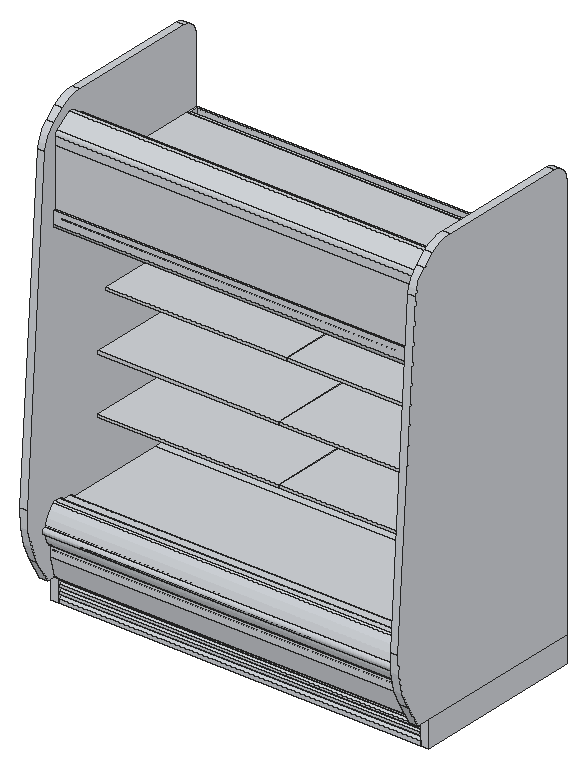
Revit family "ONUA", category Mechanical Equipment, Revit 2019
Family settings
  Round Connector Dimension = Use Radius
  Part Type = Normal
  OmniClass Number = 23.40.40.11.17
  OmniClass Title = Refrigerated Cases
  Work Plane-Based = Yes
  Always vertical = Yes
  Cut with Voids When Loaded = No
  Shared = No
  Room Calculation Point = No
Parameters (values of type "ONUA-6'/71"-5"BF")
  WIDTH = 35 13/16"  # constant formula
  WEIGHT = 0.00 lbf  # constant formula
  WATER LINE MOUNTING HEIGHT ABOVE FLOOR = 0"  # constant formula
  VOLTAGE = 120 V  # constant formula
  URL = "http://www.hillphoenix.com/case-model/onua-dairy/"
  TOP REFRIGERATION [instance] = no
  TOP ELECTRICAL [instance] = yes
  TIME OFF DEFROST = yes
  T8 LIGHTING BTU ADD PER ROW = 60
  T8 LIGHTING AMPS = T8 LIGHTING AMPS PER ROW * (SHELF LIGHT ROWS + CORNICE AND NOSE LIGHT ROWS)  # 0.74 A
  SHELF LIGHT ROWS = 2
  REVERSE AIR DEFROST = no
  REF PIPE LENGTH = 28 5/8"
  PARALLEL EVAPORATOR LOAD = (BTU PER FOOT PARALLEL * LENGTH FOR BTU) + BTU ADD FOR LIGHTS  # 8652
  NRG PIPING CHASE [instance] = yes
  MIRROR OPTIONAL [instance] = yes
  MIRROR [instance] = MIRROR
  LIGHTING WATTAGE = if(T8 LIGHT OR LED LIGHT, T8 LIGHTING WATTAGE, LED LIGHTING WATTAGE)  # 88.8 VA
  LIGHT AMPS = if(T8 LIGHT OR LED LIGHT, T8 LIGHTING AMPS, LED LIGHTING AMPS)  # 0.74 A
  TOTAL CASE WATTAGE = FAN WATTAGE + ANTI SWEAT HEATER WATTAGE + LIGHTING WATTAGE  # 130.8 W
  TOTAL CASE AMPS = ANTI SWEAT HEATER AMPS + FAN AMPS + LIGHT AMPS  # 1.44 A
  TOTAL APPARENT FAN-LIGHT AND A/S LOAD = TOTAL CASE WATTAGE / POWER FACTOR  # 130.8 VA
  TOEKICK INSET = 1 1/2"  # constant formula
  TOEKICK HEIGHT = 5 1/2"  # constant formula
  TOE KICK [instance] = none
  T8 LIGHTING WATTAGE = VOLTAGE * T8 LIGHTING AMPS  # 88.8 W
  T8 LIGHTING AMPS PER ROW = 0.37 A
  T8 LIGHT OR LED LIGHT = yes
  SUCTION LINE RADIUS = 7/16"  # constant formula
  SUCTION LINE DIAMETER = SUCTION LINE RADIUS * 2  # 7/8"
  SUCTION LINE CONNECTION = "SUCTION LINE CONNECTION"  # constant formula
  SIZE OF HOT WATER HOOK-UP = 0"  # constant formula
  SIZE OF COLD WATER HOOK UP = 0"  # constant formula
  SHELVE LENGTH = 36"
  SET BACK MODE FOR ENERGY CONSERVATION = "NO"  # constant formula
  RUBBER BUMPER [instance] = none
  RIGHT END [instance] = yes
  REFRIGERATION PIPING [instance] = none
  REF PLANE LEFT RIGHT = LENGTH / 2  # 36"
  REF PLANE FRONT BACK = WIDTH / 2  # 17 29/32"
  RECEPTICAL MOUNTING HEIGHT ABOVE FLOOR = 19 3/4"  # constant formula
  REAR REFRIGERATION [instance] = no
  PVC PIPE [instance] = none
  PRESSURE REGULATOR = 0.00 in-wg  # 0.00 psi
  POWER FACTOR = 1  # constant formula
  PNET NUMBER = "NA"  # constant formula
  PHASE = 1  # constant formula
  PAINTED METAL UPPER SHELF [instance] = none
  PAINTED METAL INTERIOR [instance] = none
  PAINTED METAL EXTERIOR [instance] = none
  NUMBER OF WIRES = 3  # constant formula
  NEMA PLUG TYPE = "N/A"  # constant formula
  Model = "ONU-6'/71\""
  Manufacturer = "HILL PHOENIX"  # constant formula
  MASTER BUMPER [instance] = none
  LIQUID LINE RADIUS = 3/16"  # constant formula
  LIQUID LINE DIAMETER = LIQUID LINE RADIUS * 2  # 3/8"
  LIQUID LINE CONNECTION = "LIQUID LINE CONNECTION"  # constant formula
  LIGHTING NUMBER OF POLES = 1
  LIGHTING CONNECTION DESCRIPTION = "LIGHTING CONNECTOR"  # constant formula
  LIGHTING APPARENT LOAD = (VOLTAGE * LIGHT AMPS) / POWER FACTOR  # 88.8 VA
  LIGHT TYPE = if(T8 LIGHT OR LED LIGHT, "T8 FLUORESCENT", "CLEARVOYANT LED")  # "T8 FLUORESCENT"
  LENGTH FOR BTU = LENGTH / 12"  # 6
  LENGTH = 72"
  LEGEND NUMBER = Model  # "ONU-6'/71\""
  LEFT END [instance] = yes
  LED LIGHTING WATTAGE = VOLTAGE * LED LIGHTING AMPS  # 33.6 W
  LED LIGHTING BTU ADD PER ROW = 27
  LED LIGHTING AMPS PER ROW = 0.14 A
  LED LIGHTING AMPS = LED LIGHTING AMPS PER ROW * (SHELF LIGHT ROWS + CORNICE AND NOSE LIGHT ROWS)  # 0.28 A
  Keynote = "DAIRY/DELI/MEAT/PRODUCE"  # constant formula
  ISOLATED GROUND REQUIRED = "NO"  # constant formula
  HOT GAS DEFROST = no
  HILL PHOENIX DRAWING NUMBER = "NA"  # constant formula
  HEIGHT = 87 5/16"  # constant formula
  GROUND FAULT PROTECTION = "NO"  # constant formula
  FRONT PANEL [instance] = none
  FAN WATTAGE = 42 W
  FAN TYPE = "ECM"  # constant formula
  FAN QUANTITY = 3
  FAN NUMBER OF POLES = 1
  FAN CONNECTOR DESCRIPTION = "FAN AND ANTI SWEAT CONNECTOR"  # constant formula
  FAN APPARENT LOAD = (VOLTAGE * FAN AMPS) / POWER FACTOR  # 84 VA
  FAN AND ANTI SWEAT HEATER APPARENT LOAD = FAN APPARENT LOAD + ANTI SWEAT APPARENT LOAD  # 84 VA
  FAN AMPS = 0.7 A
  EVAPORATOR TEMPERATURE = 17 °F  # constant formula
  ENGINEERING CONTACT = ""  # constant formula
  END PANEL [instance] = none
  ELECTRICAL DEFROST VOLTAGE = if(ELECTRIC DEFROST, 208 V, 0 V)  # 0 V
  ELECTRIC DEFROST = no
  Description = "MULTI DECK MERCHANDISER"  # constant formula
  Default Elevation = 48"
  DRIP PAN PLUMB TYPE = "HARD"  # constant formula
  DRAIN PIPE TYPE = "PVC"  # constant formula
  DRAIN PIPE LENGTH = 0"
  DRAIN LINE RADIUS = DRAIN LINE DIAMETER / 2  # 3/4"
  DRAIN LINE DIAMETER = 1 1/2"  # constant formula
  DRAIN LINE CONNECTION = "Drain Connection"  # constant formula
  DRAIN [instance] = yes
  DISCLAIMER [instance] = yes
  DISCHARGE AIR TEMPERATURE = 31 °F  # constant formula
  DIEBOARD HEIGHT = 0"  # constant formula
  DESIGNERS NAME = "PRAVEEN.J"  # constant formula
  DEFROST WATTAGE = ELECTRICAL DEFROST VOLTAGE * DEFROST AMPS  # 0 W
  DEFROST TIME AND DURATION = if(TIME OFF DEFROST, "2 @ 60 MIN", if(HOT GAS DEFROST, "2 @ 26 MIN.", "2 @ 40 MIN."))  # "2 @ 60 MIN"
  DEFROST PHASE = 1
  DEFROST AMPS = 2.88 A
  DEDICATED CIRCUIT = "YES"  # constant formula
  DATE = "02/06/12"  # constant formula
  CORNICE AND NOSE LIGHT ROWS = 0
  CONVENTIONAL EVAPORATOR LOAD = (BTU PER FOOT CONVENTIONAL * LENGTH FOR BTU) + BTU ADD FOR LIGHTS  # 10008
  CONTROL TYPE = "T-STAT"  # constant formula
  COIL REFRIGERATION CHARGE = 0.00 lbf
  CERTIFICATIONS = "NSF 7, UL471, CSA"  # constant formula
  BTU PER FOOT PARALLEL = 1322  # constant formula
  BTU PER FOOT CONVENTIONAL = 1548  # constant formula
  BTU ADD PER SHELF PER FOOT = if(T8 LIGHT OR LED LIGHT, T8 LIGHTING BTU ADD PER ROW, LED LIGHTING BTU ADD PER ROW)  # 60
  BTU ADD FOR LIGHTS = BTU ADD PER SHELF PER FOOT * SHELF LIGHT ROWS * LENGTH FOR BTU  # 720
  BOTTOM REFRIGERATION [instance] = yes
  BOTTOM ELECTRICAL [instance] = yes
  BASE HEIGHT = 11"  # constant formula
  BASE [instance] = none
  Assembly Code = ""
  ANTI SWEAT HEATER WATTAGE = ANTI SWEAT HEATER AMPS * VOLTAGE  # 0 W
  ANTI SWEAT HEATER AMPS = 0 A  # constant formula
  ANTI SWEAT APPARENT LOAD = (ANTI SWEAT HEATER AMPS * VOLTAGE) * POWER FACTOR  # 0 VA
  SHELVE 2 = no
  SHELVE 1 = yes
  SHELVE 3 = yes
Types (2): name | TOP REFRIGERATION | T8 LIGHTING BTU ADD PER ROW | T8 LIGHTING AMPS | SHELF LIGHT ROWS | PARALLEL EVAPORATOR LOAD | LIGHTING WATTAGE | LIGHT AMPS | TOTAL CASE WATTAGE | TOTAL CASE AMPS | TOTAL APPARENT FAN-LIGHT AND A/S LOAD | T8 LIGHTING WATTAGE | T8 LIGHTING AMPS PER ROW | SHELVE LENGTH | REF PLANE LEFT RIGHT | Model | LIGHTING APPARENT LOAD | LENGTH FOR BTU | LENGTH | LEGEND NUMBER | LED LIGHTING WATTAGE | LED LIGHTING BTU ADD PER ROW | LED LIGHTING AMPS PER ROW | LED LIGHTING AMPS | FAN WATTAGE | FAN QUANTITY | FAN APPARENT LOAD | FAN AND ANTI SWEAT HEATER APPARENT LOAD | FAN AMPS | DEFROST AMPS | CONVENTIONAL EVAPORATOR LOAD | BTU ADD PER SHELF PER FOOT | BTU ADD FOR LIGHTS | SHELVE 3
  ONUA-6'/71"-5"BF | no | 60 | 0.74 A | 2 | 8652 | 88.8 VA | 0.74 A | 130.8 W | 1.44 A | 130.8 VA | 88.8 W | 0.37 A | 36" | 36" | "ONU-6'/71\"" | 88.8 VA | 6 | 72" | "ONU-6'/71\"" | 33.6 W | 27 | 0.14 A | 0.28 A | 42 W | 3 | 84 VA | 84 VA | 0.7 A | 2.88 A | 10008 | 60 | 720 | yes
  ONUA-4'/47"-5"BF | yes | 80 | 0.23 A | 1 | 5608 | 27.6 VA | 0.23 A | 55.6 W | 0.7 A | 55.6 VA | 27.6 W | 0.23 A | 48" | 24" | "ONU-4'/47\"" | 27.6 VA | 4 | 48" | "ONU-4'/47\"" | 12 W | 36 | 0.1 A | 0.1 A | 28 W | 2 | 56.4 VA | 56.4 VA | 0.47 A | 1.92 A | 6512 | 80 | 320 | no
Reference planes (in)
  plane 1: z = 0.01963
  plane 2 "LEFT": x = 0
  plane 3 "CASE RIGHT": x = 72
  plane 4 "CASE BACK": y = -13.74044
  plane 5 "CENTER(LEFT/RIGHT)": x = 36
  plane 6 "FRONT": y = -49.55294
  plane 7: x = 63.3125
  plane 8: x = 63.8125
  plane 9: x = 62.8125
  plane 10: x = 68
  plane 11: x = 67.5
  plane 12: x = 68.5
  plane 13: z = 86.5
  plane 14: z = 14.49995
Forms (in)
  Extrusion 1, solid, material <- "BASE"
    sketch origin (0, 0, 0) x (0, 1, 0) y (0, 0, 1)
      loop
        line (-13.74044, 0) -> (-13.74044, 5.14679) -> (-44.55294, 5.14679) -> (-44.55294, 0.62362) -> (-38.17794, 0.62362) -> (-38.17794, 0) -> (-36.53763, 0) -> (-36.53763, 3.77179) -> (-15.11544, 3.77179) -> (-15.11544, 0) -> (-13.74044, 0)
    from 0 to 72
  Extrusion 2, solid, material <- "TOE KICK"
    sketch origin (0, 0, 0) x (0, 1, 0) y (0, 0, 1)
      loop
        line (-44.55294, 0) -> (-44.55294, 5.14679) -> (-45.38446, 5.14679)
        arc (-45.38446, 5.14679) -> (-45.15389, 4.89169) -> (-44.91938, 4.64022) r 22.05388
        arc (-44.91938, 4.64022) -> (-45.07085, 4.54153) -> (-45.24944, 4.51341) r 0.43232
        line (-45.24944, 4.51341) -> (-45.24944, 4.01341) -> (-45.17094, 4.01341) -> (-44.75215, 4.09338) -> (-44.88952, 3.65878)
        arc (-44.88952, 3.65878) -> (-45.02556, 3.43307) -> (-45.24944, 3.29402) r 0.56287
        line (-45.24944, 3.29402) -> (-45.24944, 2.79402) -> (-45.17094, 2.79402) -> (-44.75215, 2.87898) -> (-44.88952, 2.4394)
        arc (-44.88952, 2.4394) -> (-45.02525, 2.21338) -> (-45.24944, 2.07465) r 0.55931
        line (-45.24944, 2.07465) -> (-45.24944, 1.57465) -> (-45.17094, 1.57465) -> (-44.75215, 1.6596) -> (-44.88952, 1.22002)
        arc (-44.88952, 1.22002) -> (-45.09349, 0.94005) -> (-45.42565, 0.84178) r 0.5396
        line (-45.42565, 0.84178) -> (-45.42565, 0) -> (-44.55294, 0)
    from 0 to 72
  Extrusion 3, solid, material <- "PAINTED METAL EXTERIOR"
    sketch origin (0, 0, 0) x (0, 1, 0) y (0, 0, 1)
      loop
        line (-45.38446, 5.14679) -> (-41.00817, 5.14679) -> (-46.90364, 10.09368) -> (-46.90364, 13.7706) -> (-47.5709, 13.7706) -> (-47.5709, 9.14196) -> (-46.51208, 5.19039)
        arc (-46.51208, 5.19039) -> (-46.44243, 5.12074) -> (-46.34728, 5.14623) r 0.0985
        line (-46.34728, 5.14623) -> (-45.8783, 5.61522)
        arc (-45.8783, 5.61522) -> (-45.83141, 5.63347) -> (-45.78627, 5.61125) r 0.0625
        arc (-45.78627, 5.61125) -> (-45.58698, 5.37762) -> (-45.38446, 5.14679) r 22.05388
    from 0 to 72
  Extrusion 4, solid, material <- "PAINTED METAL EXTERIOR"
    sketch origin (0, 0, 0) x (0, 1, 0) y (0, 0, 1)
      loop
        line (-13.74044, 5.14679) -> (-13.74044, 73.46609) -> (-41.58419, 73.46609) -> (-41.58419, 71.49009) -> (-15.74044, 71.49009) -> (-15.74044, 8.30647) -> (-33.49444, 7.68648) -> (-34.9528, 6.46785) -> (-35.00154, 6.46614) -> (-35.50194, 6.07539) -> (-37.87549, 5.99251) -> (-38.40193, 6.3474) -> (-38.45067, 6.3457) -> (-39.99048, 7.45964) -> (-40.56547, 7.43956) -> (-44.89544, 11.07284) -> (-44.89544, 15.39491) -> (-46.90364, 15.39491) -> (-46.90364, 10.09368) -> (-41.00817, 5.14679) -> (-13.74044, 5.14679)
    from 0 to 72
  Extrusion 5, solid, material <- "PAINTED METAL EXTERIOR"
    sketch origin (0, 0, -2.50702) x (0, 1, 0) y (0, 0, 1)
      loop
        arc (-47.72828, 13.85388) -> (-47.65719, 13.79788) -> (-47.5709, 13.7706) r 0.25198
        line (-47.5709, 13.7706) -> (-47.5709, 16.27762) -> (-46.90364, 16.27762) -> (-46.90364, 17.90192) -> (-45.07762, 17.90192) -> (-45.07762, 21.0826)
        arc (-45.07762, 21.0826) -> (-45.11424, 21.17099) -> (-45.20262, 21.2076) r 0.125
        line (-45.20262, 21.2076) -> (-46.46433, 21.2076)
        arc (-46.46433, 21.2076) -> (-46.69186, 21.16355) -> (-46.888, 21.0401) r 0.62908
        arc (-46.888, 21.0401) -> (-48.13226, 19.50875) -> (-48.89964, 17.69097) r 6.99854
        arc (-48.89964, 17.69097) -> (-48.24632, 17.00696) -> (-48.90792, 16.33096) r 0.68041
        arc (-48.90792, 16.33096) -> (-48.49173, 15.00973) -> (-47.72828, 13.85388) r 4.98884
    from 0 to 72
  Extrusion 6, solid, material <- "RUBBER BUMPER"
    sketch origin (0, 0, -2.51115) x (0, 1, 0) y (0, 0, 1)
      loop
        arc (-48.89964, 16.33124) -> (-48.24631, 17.0111) -> (-48.89964, 17.69097) r 0.68041
        arc (-48.89964, 17.69097) -> (-49.55298, 17.0111) -> (-48.89964, 16.33124) r 0.68041
    from 0 to 72
  Extrusion 7, solid, material <- "RUBBER BUMPER"
    sketch origin (0, 0, 0) x (0, 1, 0) y (0, 0, 1)
      loop
        line (-45.07762, 15.39491) -> (-44.89544, 15.39491) -> (-44.89544, 11.07284) -> (-40.56547, 7.43956) -> (-39.99048, 7.45964) -> (-38.45067, 6.3457) -> (-38.40193, 6.3474) -> (-37.87549, 5.99251) -> (-35.50194, 6.07539) -> (-35.00154, 6.46614) -> (-34.9528, 6.46785) -> (-33.49444, 7.68648) -> (-15.74044, 8.30647) -> (-15.74044, 71.49009) -> (-35.70859, 71.49009) -> (-35.70859, 69.45566) -> (-18.80611, 69.45566)
        arc (-18.80611, 69.45566) -> (-18.09996, 69.16225) -> (-17.80758, 68.45566) r 1
        line (-17.80758, 68.45566) -> (-17.80758, 18.2004)
        arc (-17.80758, 18.2004) -> (-17.94225, 17.85973) -> (-18.2727, 17.70162) r 0.50129
        line (-18.2727, 17.70162) -> (-21.50054, 17.46813) -> (-42.42691, 17.46813) -> (-42.42691, 17.78262)
        arc (-42.42691, 17.78262) -> (-42.51829, 18.00324) -> (-42.73891, 18.09462) r 0.312
        line (-42.73891, 18.09462) -> (-45.07762, 18.09462) -> (-45.07762, 15.39491)
    from 0 to 72
  Extrusion 8, solid, material <- "PAINTED METAL EXTERIOR"
    sketch origin (0, 0, 0) x (0, 1, 0) y (0, 0, 1)
      loop
        line (-35.70859, 71.49009) -> (-41.58419, 71.49009) -> (-41.58419, 73.46609) -> (-29.31511, 73.46609) -> (-29.31511, 74.27584) -> (-41.0702, 74.27584) -> (-41.6982, 80.74247) -> (-39.62773, 80.94354) -> (-40.04464, 85.23645) -> (-42.21369, 85.0258) -> (-42.21369, 86.5) -> (-42.91961, 86.5) -> (-45.93167, 84.42039)
        arc (-45.93167, 84.42039) -> (-46.27037, 84.06849) -> (-46.39351, 83.59585) r 0.96552
        line (-46.39351, 83.59585) -> (-46.39351, 81.99322) -> (-46.19847, 81.99322) -> (-46.19847, 70.49322) -> (-46.78053, 70.49322) -> (-46.78053, 68.12753)
        arc (-46.78053, 68.12753) -> (-46.48484, 67.38138) -> (-45.7336, 67.0989) r 0.99099
        line (-45.7336, 67.0989) -> (-45.08216, 67.9013) -> (-44.83426, 69.24528) -> (-41.56624, 69.24528) -> (-39.86332, 68.18589) -> (-35.70859, 68.18589) -> (-35.70859, 71.49009)
    from 0 to 72
  Sweep 9, solid, material <- "RUBBER BUMPER", visible <- "SHELVE 1"
    path origin (0, 0, 0) x (1, 0, 0) y (0, 1, 0)
      loop
        line (0, -8.74044) -> (36, -8.74044)
    profile origin (18, -8.74044, 0) x (0, 1, 0) y (0, 0, 1)
      loop
        line (-9.06714, 61.02742) -> (-25.06714, 61.02742) -> (-25.06714, 60.46742) -> (-20.09962, 60.46742) -> (-20.041, 60.33197) -> (-12.59814, 59.39901)
        arc (-12.59814, 59.39901) -> (-11.92978, 59.21863) -> (-11.33651, 58.86188) r 2.5
        line (-11.33651, 58.86188) -> (-10.63367, 58.29316)
        arc (-10.63367, 58.29316) -> (-10.33024, 58.12504) -> (-9.98764, 58.07069) r 1
        line (-9.98764, 58.07069) -> (-9.06714, 58.07069) -> (-9.06714, 61.02742)
      loop
        line (-9.06714, 51.20418) -> (-25.06714, 51.20418) -> (-25.06714, 50.64418) -> (-20.09962, 50.64418) -> (-20.041, 50.50873) -> (-12.59814, 49.57577)
        arc (-12.59814, 49.57577) -> (-11.92978, 49.39539) -> (-11.33651, 49.03863) r 2.5
        line (-11.33651, 49.03863) -> (-10.63367, 48.46992)
        arc (-10.63367, 48.46992) -> (-10.33024, 48.3018) -> (-9.98764, 48.24745) r 1
        line (-9.98764, 48.24745) -> (-9.06714, 48.24745) -> (-9.06714, 51.20418)
      loop
        line (-27.06714, 40.74905) -> (-27.06714, 40.18905) -> (-20.09962, 40.18905) -> (-20.041, 40.05359) -> (-12.59814, 39.12063)
        arc (-12.59814, 39.12063) -> (-11.92978, 38.94026) -> (-11.33651, 38.5835) r 2.5
        line (-11.33651, 38.5835) -> (-10.63367, 38.01479)
        arc (-10.63367, 38.01479) -> (-10.33024, 37.84666) -> (-9.98764, 37.79231) r 1
        line (-9.98764, 37.79231) -> (-9.06714, 37.79231) -> (-9.06714, 40.74905) -> (-27.06714, 40.74905)
      loop
        line (-27.06714, 29.52248) -> (-27.06714, 28.96248) -> (-20.09962, 28.96248) -> (-20.041, 28.82703) -> (-12.59814, 27.89407)
        arc (-12.59814, 27.89407) -> (-11.92978, 27.71369) -> (-11.33651, 27.35693) r 2.5
        line (-11.33651, 27.35693) -> (-10.63367, 26.78822)
        arc (-10.63367, 26.78822) -> (-10.33024, 26.6201) -> (-9.98764, 26.56575) r 1
        line (-9.98764, 26.56575) -> (-9.06714, 26.56575) -> (-9.06714, 29.52248) -> (-27.06714, 29.52248)
  Sweep 10, solid, material <- "RUBBER BUMPER", visible <- "SHELVE 3"
    path origin (96, 0, 0) x (1, 0, 0) y (0, 1, 0)
      loop
        line (-60, -8.74044) -> (-24, -8.74044)
    profile origin (54, -8.74044, 0) x (0, 1, 0) y (0, 0, 1)
      loop
        line (-9.06714, 61.02742) -> (-25.06714, 61.02742) -> (-25.06714, 60.46742) -> (-20.09962, 60.46742) -> (-20.041, 60.33197) -> (-12.59814, 59.39901)
        arc (-12.59814, 59.39901) -> (-11.92978, 59.21863) -> (-11.33651, 58.86188) r 2.5
        line (-11.33651, 58.86188) -> (-10.63367, 58.29316)
        arc (-10.63367, 58.29316) -> (-10.33024, 58.12504) -> (-9.98764, 58.07069) r 1
        line (-9.98764, 58.07069) -> (-9.06714, 58.07069) -> (-9.06714, 61.02742)
      loop
        line (-9.06714, 51.20418) -> (-25.06714, 51.20418) -> (-25.06714, 50.64418) -> (-20.09962, 50.64418) -> (-20.041, 50.50873) -> (-12.59814, 49.57577)
        arc (-12.59814, 49.57577) -> (-11.92978, 49.39539) -> (-11.33651, 49.03863) r 2.5
        line (-11.33651, 49.03863) -> (-10.63367, 48.46992)
        arc (-10.63367, 48.46992) -> (-10.33024, 48.3018) -> (-9.98764, 48.24745) r 1
        line (-9.98764, 48.24745) -> (-9.06714, 48.24745) -> (-9.06714, 51.20418)
      loop
        line (-27.06714, 40.74905) -> (-27.06714, 40.18905) -> (-20.09962, 40.18905) -> (-20.041, 40.05359) -> (-12.59814, 39.12063)
        arc (-12.59814, 39.12063) -> (-11.92978, 38.94026) -> (-11.33651, 38.5835) r 2.5
        line (-11.33651, 38.5835) -> (-10.63367, 38.01479)
        arc (-10.63367, 38.01479) -> (-10.33024, 37.84666) -> (-9.98764, 37.79231) r 1
        line (-9.98764, 37.79231) -> (-9.06714, 37.79231) -> (-9.06714, 40.74905) -> (-27.06714, 40.74905)
      loop
        line (-27.06714, 29.52248) -> (-27.06714, 28.96248) -> (-20.09962, 28.96248) -> (-20.041, 28.82703) -> (-12.59814, 27.89407)
        arc (-12.59814, 27.89407) -> (-11.92978, 27.71369) -> (-11.33651, 27.35693) r 2.5
        line (-11.33651, 27.35693) -> (-10.63367, 26.78822)
        arc (-10.63367, 26.78822) -> (-10.33024, 26.6201) -> (-9.98764, 26.56575) r 1
        line (-9.98764, 26.56575) -> (-9.06714, 26.56575) -> (-9.06714, 29.52248) -> (-27.06714, 29.52248)
  Extrusion 11, void
    sketch origin (0, 0, 0) x (1, 0, 0) y (0, 1, 0)
      loop
        circle (36, -36.92794) r 1
    from 0 to 5
  Extrusion 12, solid, material <- "PVC PIPE", visible <- "DRAIN"
    sketch origin (0, 0, 0) x (1, 0, 0) y (0, 1, 0)
      loop
        circle (36, -36.92794) r 0.75
    from 0 to 5
  Extrusion 13, void
    sketch origin (0, 0, 0) x (1, 0, 0) y (0, 1, 0)
      loop
        circle (63.3125, -36.99044) r 1.25
    from 0 to 5
  Extrusion 14, solid, material <- "REFRIGERATION PIPING", visible <- "BOTTOM REFRIGERATION"
    sketch origin (0, 0, 0) x (1, 0, 0) y (0, 1, 0)
      loop
        circle (63.8125, -36.99044) r 0.4375
      loop
        circle (62.8125, -36.99044) r 0.1875
    from 0 to 5
  Extrusion 15, void
    sketch origin (-240, -13.74044, 81.67207) x (0, 0, -1) y (-1, 0, 0)
      loop
        circle (70.67207, -308) r 1.25
    from 0 to -5
  Extrusion 16, solid, material <- "REFRIGERATION PIPING", visible <- "REAR REFRIGERATION"
    sketch origin (-240, -13.74044, 81.67207) x (0, 0, 1) y (-1, 0, 0)
      loop
        circle (-70.67207, -308.5) r 0.1875
      loop
        circle (-70.67207, -307.5) r 0.4375
    from 0 to 5
  Extrusion 17, void
    sketch origin (0, 0, 0) x (1, 0, 0) y (0, 1, 0)
      loop
        line (8.98233, -40.56547) -> (8.98233, -42.42691) -> (19.56669, -42.42691) -> (19.56669, -40.56547) -> (8.98233, -40.56547)
    from 0 to 5
  Extrusion 18, solid, visible <- "BOTTOM ELECTRICAL"
    sketch origin (0, 0, 0) x (1, 0, 0) y (0, 1, 0)
      loop
        circle (12.33273, -41.35966) r 0.375
      loop
        circle (15.58273, -41.35966) r 0.375
    from 0 to 5
  Extrusion 19, solid, material <- "PAINTED METAL EXTERIOR"
    sketch origin (0, 0, 0) x (1, 0, 0) y (0, 1, 0)
      loop
        line (0, -13.74044) -> (72, -13.74044) -> (72, -11.24044) -> (0, -11.24044) -> (0, -13.74044)
      loop
        line (71.5, -11.74044) -> (0.5, -11.74044) -> (0.5, -13.24044) -> (71.5, -13.24044) -> (71.5, -11.74044)
    from 0 to 73.46609
  Extrusion 20, solid, material <- "REFRIGERATION PIPING", visible <- "TOP REFRIGERATION"
    sketch origin (0, 0, 0) x (1, 0, 0) y (0, 1, 0)
      loop
        circle (67, -12.65653) r 0.4375
      loop
        circle (66, -12.65653) r 0.1875
    from 70.89947 to 73.46609
  Extrusion 21, solid
    sketch origin (0, 0, 0) x (0, 1, 0) y (0, 0, 1)
      loop
        line (-39.82488, 68.21714) -> (-35.73984, 68.21714) -> (-35.73984, 69.21714) -> (-39.82488, 69.21714) -> (-39.82488, 68.21714)
      loop
        circle (-44.09439, 68.46498) r 0.75
      loop
        circle (-42.71745, 67.60777) r 0.75
    from 0 to 72 <- "LENGTH"
  Extrusion 22, solid, material <- "PAINTED METAL EXTERIOR"
    sketch origin (0, 0, 0) x (0, 1, 0) y (0, 0, 1)
      loop
        line (-13.74044, 5.14679) -> (-11.24044, 5.14679) -> (-11.24044, 86.14679)
        arc (-11.24044, 86.14679) -> (-12.11912, 88.26811) -> (-14.24044, 89.14679) r 3
        line (-14.24044, 89.14679) -> (-40.01161, 89.14679)
        arc (-40.01161, 89.14679) -> (-42.34826, 88.74528) -> (-44.41685, 87.58681) r 7
        line (-44.41685, 87.58681) -> (-46.48584, 85.91138)
        arc (-46.48584, 85.91138) -> (-48.03199, 84.01899) -> (-48.69531, 81.66704) r 6
        line (-48.69531, 81.66704) -> (-53.02709, 19.71962)
        arc (-53.02709, 19.71962) -> (-52.6096, 14.41488) -> (-50.6594, 9.464) r 18
        line (-50.6594, 9.464) -> (-48.16685, 5.14679) -> (-13.74044, 5.14679)
    from -1.5 to 0
  Extrusion 23, solid, material <- "PAINTED METAL EXTERIOR"
    sketch origin (72, 0, 0) x (0, 1, 0) y (0, 0, -1)
      loop
        line (-13.74044, -5.14679) -> (-48.16685, -5.14679) -> (-50.6594, -9.464)
        arc (-50.6594, -9.464) -> (-52.6096, -14.41488) -> (-53.02709, -19.71962) r 18
        line (-53.02709, -19.71962) -> (-48.69531, -81.66704)
        arc (-48.69531, -81.66704) -> (-48.03199, -84.01899) -> (-46.48584, -85.91138) r 6
        line (-46.48584, -85.91138) -> (-44.41685, -87.58681)
        arc (-44.41685, -87.58681) -> (-42.34826, -88.74528) -> (-40.01161, -89.14679) r 7
        line (-40.01161, -89.14679) -> (-14.24044, -89.14679)
        arc (-14.24044, -89.14679) -> (-12.11912, -88.26811) -> (-11.24044, -86.14679) r 3
        line (-11.24044, -86.14679) -> (-11.24044, -5.14679) -> (-13.74044, -5.14679)
    from -1.5 to 0
  Extrusion 24, solid
    sketch origin (0, 0, 0) x (0, 1, 0) y (0, 0, 1)
      loop
        line (-11.24044, 5.14679) -> (-45.42565, 5.14679) -> (-45.42565, 0) -> (-11.24044, 0) -> (-11.24044, 5.14679)
    from -1.5 to 0
  Extrusion 25, solid
    sketch origin (72, 0, 0) x (0, 1, 0) y (0, 0, -1)
      loop
        line (-11.24044, -5.19322) -> (-11.24044, 0) -> (-45.42565, 0) -> (-45.42565, -5.19322) -> (-11.24044, -5.19322)
    from -1.5 to 0
Cuts and joins
  Extrusion 11, Extrusion 13, Extrusion 17 cuts Extrusion 1
  Extrusion 15 cuts Extrusion 4
Lines and regions (in)
  model lines
    curve 1: line (0, -49.55294, 14.49995) -> (0, -49.52038, 14.49995)
Dimensions and locks (in)
  "REF PLANE LEFT RIGHT": plane 2 "LEFT" to plane 5 "CENTER(LEFT/RIGHT)"
  "LENGTH": plane 2 "LEFT" to plane 3 "CASE RIGHT"
  plane 9 to plane 8 to plane 3 "CASE RIGHT" = 1" locked, 8 3/16" locked
  plane 9 to plane 7 to plane 3 "CASE RIGHT" = 1/2", 8 11/16"
  "WIDTH": plane 6 "FRONT" to plane 4 "CASE BACK"
  locked: plane 10 to plane 3 "CASE RIGHT" at 4
  plane 11 to plane 10 to plane 12 = 1/2", 1/2"
  plane 6 "FRONT" to plane 4 "CASE BACK" = 35 13/16"
  "SHELVE LENGTH": Sweep 9 sketch curve to Sweep 9 sketch curve
  "SHELVE LENGTH": Sweep 10 sketch curve to Sweep 10 sketch curve
  locked: plane 5 "CENTER(LEFT/RIGHT)" to Extrusion 12 sketch curve at 0.75
  locked: plane 7 to Extrusion 13 sketch curve at 1.25
  locked: Extrusion 14 sketch curve to plane 9 at 0.1875
  locked: plane 8 to Extrusion 14 sketch curve at 0.4375
  locked: Extrusion 15 sketch curve to plane 10 at 1.25
  locked: plane 12 to Extrusion 16 sketch curve at 0.1875
  locked: Extrusion 16 sketch curve to plane 11 at 0.4375
  Extrusion 20 sketch curve to Extrusion 19 = 5"
  Extrusion 20 sketch curve to Extrusion 19 = 6"
  Extrusion 19 to Extrusion 8 = 33.04009"
  Sweep 9 to Sweep 9 = 16"  (x2)
  Sweep 9 to Sweep 9 = 18"  (x2)
  Extrusion 7 to Extrusion 7 = 24.61933"
  Extrusion 5 to Extrusion 2 = 18.70059"
  Extrusion 7 to Extrusion 7 = 51.98753"
  Extrusion 8 to Extrusion 5 = 48.39831"
  Extrusion 19 to Extrusion 2 = 31.68522"
  cut or joined group of Extrusion 1, Extrusion 11, Extrusion 13, Extrusion 17 to cut or joined group of Extrusion 4, Extrusion 15 = 5.14679"
  Extrusion 24 to plane 6 "FRONT" = 38 5/16"
  Extrusion 19 to plane 6 "FRONT" = 35 13/16"
  Extrusion 19 to cut or joined group of Extrusion 1, Extrusion 11, Extrusion 13, Extrusion 17 = 24 7/16"
  cut or joined group of Extrusion 1, Extrusion 11, Extrusion 13, Extrusion 17 to Extrusion 2 = 6 3/8"
  Extrusion 8 to Extrusion 8 = 11 1/2"
  Extrusion 24 to plane 13 = 86 1/2"
  plane 14 to level = 14.49995"
  locked: Extrusion 23 to Extrusion 23 at 1.5
  locked: Extrusion 22 to Extrusion 22 at 1.5
  aligned and locked: plane 3 "CASE RIGHT" to Extrusion 4
  aligned and locked: plane 3 "CASE RIGHT" to Extrusion 7
  aligned and locked: plane 3 "CASE RIGHT" to Extrusion 1
  aligned and locked: plane 3 "CASE RIGHT" to Extrusion 8
  aligned and locked: plane 3 "CASE RIGHT" to Extrusion 5
  aligned and locked: plane 3 "CASE RIGHT" to Extrusion 6
  aligned and locked: plane 3 "CASE RIGHT" to Extrusion 2
  aligned and locked: plane 3 "CASE RIGHT" to Extrusion 3
  aligned and locked: Extrusion 23 to Extrusion 7
  aligned and locked: Extrusion 25 to Extrusion 23
  aligned and locked: Extrusion 25 to Extrusion 2
  aligned and locked: Extrusion 23 to plane 3 "CASE RIGHT"
  aligned and locked: plane 2 "LEFT" to Extrusion 22
  aligned and locked: plane 2 "LEFT" to Extrusion 24
  aligned and locked: Extrusion 22 to Extrusion 7
  aligned and locked: Extrusion 24 to Extrusion 2
  aligned and locked: Extrusion 24 to cut or joined group of Extrusion 1, Extrusion 11, Extrusion 13, Extrusion 17
Automatic sketch dimensions
  Extrusion 1 sketch curve to level = 0"  (x2)
  Extrusion 1 sketch curve to plane 4 "CASE BACK" = 0"
  plane 4 "CASE BACK" to Extrusion 1 sketch curve = 1 3/8"
  plane 1 to Extrusion 1 sketch curve = 0.60398"
  Extrusion 1 sketch curve to Extrusion 1 sketch curve = 1.6403"
  Extrusion 1 sketch curve to plane 6 "FRONT" = 5"
  Extrusion 1 sketch curve to Extrusion 1 sketch curve = 3.14818"
  Extrusion 1 sketch curve to Extrusion 1 sketch curve = 1 3/8"
  Extrusion 3 sketch curve to plane 6 "FRONT" = 1.98204"
  Extrusion 3 sketch curve to Extrusion 3 sketch curve = 0.66726"
  Extrusion 3 sketch curve to plane 6 "FRONT" = 3.04086"
  Extrusion 3 sketch curve to Extrusion 3 sketch curve = 0.09514"
  Extrusion 3 sketch curve to Extrusion 3 sketch curve = 0.06965"
  Extrusion 3 sketch curve to Extrusion 3 sketch curve = 0.46898"
  Extrusion 3 sketch curve to Extrusion 3 sketch curve = 0.04419"  (x2)
  Extrusion 3 sketch curve to Extrusion 3 sketch curve = 0.44965"
  Extrusion 3 sketch curve to Extrusion 3 sketch curve = 4.37629"
  plane 1 to Extrusion 3 sketch curve = 5.1266"
  Extrusion 3 sketch curve to Extrusion 3 sketch curve = 0.00056"
  Extrusion 3 sketch curve to Extrusion 3 sketch curve = 0.04416"
  Extrusion 3 sketch curve to Extrusion 3 sketch curve = 0.42423"
  Extrusion 3 sketch curve to Extrusion 3 sketch curve = 0.95172"
  Extrusion 4 sketch curve to plane 4 "CASE BACK" = 0"
  plane 4 "CASE BACK" to Extrusion 4 sketch curve = 2"
  Extrusion 4 sketch curve to Extrusion 4 sketch curve = 1.45836"
  Extrusion 4 sketch curve to Extrusion 4 sketch curve = 0.04874"  (x2)
  Extrusion 4 sketch curve to Extrusion 4 sketch curve = 0.5004"
  Extrusion 4 sketch curve to Extrusion 4 sketch curve = 2.37355"
  Extrusion 4 sketch curve to Extrusion 4 sketch curve = 0.52644"
  Extrusion 4 sketch curve to Extrusion 4 sketch curve = 1.53981"
  Extrusion 4 sketch curve to Extrusion 4 sketch curve = 0.57498"
  Extrusion 4 sketch curve to Extrusion 4 sketch curve = 0.4427"
  Extrusion 4 sketch curve to plane 6 "FRONT" = 7 31/32"
  Extrusion 4 sketch curve to plane 6 "FRONT" = 4.6575"
  Extrusion 4 sketch curve to Extrusion 4 sketch curve = 2.0082"
  plane 1 to Extrusion 4 sketch curve = 5.12716"
  Extrusion 4 sketch curve to Extrusion 4 sketch curve = 0.84572"
  Extrusion 4 sketch curve to Extrusion 4 sketch curve = 0.08289"
  Extrusion 4 sketch curve to Extrusion 4 sketch curve = 0.35319"
  Extrusion 4 sketch curve to Extrusion 4 sketch curve = 0.0017"  (x2)
  Extrusion 4 sketch curve to Extrusion 4 sketch curve = 0.39075"
  Extrusion 4 sketch curve to Extrusion 4 sketch curve = 2.29277"
  Extrusion 4 sketch curve to Extrusion 4 sketch curve = 0.02008"
  Extrusion 4 sketch curve to Extrusion 4 sketch curve = 1.21864"
  Extrusion 4 sketch curve to Extrusion 4 sketch curve = 3.15968"
  Extrusion 4 sketch curve to Extrusion 4 sketch curve = 1.976"
  Extrusion 5 sketch curve to plane 6 "FRONT" = 0.62622"
  Extrusion 5 sketch curve to Extrusion 5 sketch curve = 1.35582"
  Extrusion 5 sketch curve to Extrusion 5 sketch curve = 0.03156"
  Extrusion 5 sketch curve to Extrusion 5 sketch curve = 0.66726"
  Extrusion 5 sketch curve to plane 6 "FRONT" = 3.0886"
  Extrusion 5 sketch curve to Extrusion 5 sketch curve = 0.00377"
  Extrusion 5 sketch curve to Extrusion 5 sketch curve = 1 67/256"
  Extrusion 5 sketch curve to Extrusion 5 sketch curve = 1.82602"
  Extrusion 5 sketch curve to Extrusion 5 sketch curve = 1.09005"
  Extrusion 5 sketch curve to Extrusion 5 sketch curve = 1.85479"
  Extrusion 5 sketch curve to Extrusion 5 sketch curve = 1/4"
  Extrusion 5 sketch curve to Extrusion 5 sketch curve = 0.73348"
  Extrusion 5 sketch curve to Extrusion 5 sketch curve = 1.24955"
  Extrusion 5 sketch curve to Extrusion 5 sketch curve = 1.62431"
  Extrusion 5 sketch curve to Extrusion 5 sketch curve = 2.67661"
  Extrusion 5 sketch curve to Extrusion 5 sketch curve = 0.50407"
  Extrusion 5 sketch curve to plane 6 "FRONT" = 0.64501"
  Extrusion 5 sketch curve to plane 6 "FRONT" = 0.6533"
  Extrusion 5 sketch curve to Extrusion 5 sketch curve = 0"
  Extrusion 6 sketch curve to plane 6 "FRONT" = 0.62622"
  Extrusion 6 sketch curve to Extrusion 6 sketch curve = 0.05414"
  Extrusion 6 sketch curve to Extrusion 6 sketch curve = 0"
  Extrusion 6 sketch curve to plane 6 "FRONT" = 0.6533"
  Extrusion 6 sketch curve to Extrusion 6 sketch curve = 0.67987"
  Extrusion 7 sketch curve to plane 6 "FRONT" = 4.47531"
  Extrusion 7 sketch curve to Extrusion 7 sketch curve = 0.18219"
  Extrusion 7 sketch curve to Extrusion 7 sketch curve = 2.33872"
  Extrusion 7 sketch curve to Extrusion 7 sketch curve = 0.312"
  Extrusion 7 sketch curve to Extrusion 7 sketch curve = 4.32997"
  Extrusion 7 sketch curve to Extrusion 7 sketch curve = 0.57498"
  Extrusion 7 sketch curve to Extrusion 7 sketch curve = 1.53981"
  Extrusion 7 sketch curve to Extrusion 7 sketch curve = 0.04874"  (x2)
  Extrusion 7 sketch curve to Extrusion 7 sketch curve = 0.52644"
  Extrusion 7 sketch curve to Extrusion 7 sketch curve = 2.37355"
  Extrusion 7 sketch curve to Extrusion 7 sketch curve = 0.5004"
  plane 4 "CASE BACK" to Extrusion 7 sketch curve = 7.7601"
  plane 4 "CASE BACK" to Extrusion 7 sketch curve = 5.06714"
  Extrusion 7 sketch curve to Extrusion 7 sketch curve = 0.00147"
  Extrusion 7 sketch curve to Extrusion 7 sketch curve = 3.19167"
  Extrusion 7 sketch curve to Extrusion 7 sketch curve = 0.03617"
  Extrusion 7 sketch curve to Extrusion 7 sketch curve = 0.50129"
  plane 4 "CASE BACK" to Extrusion 7 sketch curve = 2"
  plane 1 to Extrusion 7 sketch curve = 5.97288"
  Extrusion 7 sketch curve to Extrusion 7 sketch curve = 0.08289"
  Extrusion 7 sketch curve to Extrusion 7 sketch curve = 0.35319"
  Extrusion 7 sketch curve to Extrusion 7 sketch curve = 0.0017"  (x2)
  Extrusion 7 sketch curve to Extrusion 7 sketch curve = 0.39075"
  Extrusion 7 sketch curve to Extrusion 7 sketch curve = 1.09386"
  Extrusion 7 sketch curve to Extrusion 7 sketch curve = 0.02008"
  Extrusion 7 sketch curve to Extrusion 7 sketch curve = 1.21864"
  Extrusion 7 sketch curve to Extrusion 7 sketch curve = 0.23349"
  Extrusion 7 sketch curve to Extrusion 7 sketch curve = 0.31449"
  Extrusion 7 sketch curve to Extrusion 7 sketch curve = 0.49878"
  Extrusion 7 sketch curve to Extrusion 7 sketch curve = 2.03443"
  profile plane to Sweep 9 sketch curve = 27.06714"
  Sweep 9 sketch curve to Sweep 9 sketch curve = 0"  (x2)
  Sweep 9 sketch curve to Sweep 9 sketch curve = 2"
  Sweep 9 sketch curve to Sweep 9 sketch curve = 6.96753"  (x2)
  Sweep 9 sketch curve to Sweep 9 sketch curve = 4.96753"  (x2)
  Sweep 9 sketch curve to Sweep 9 sketch curve = 15/256"  (x4)
  Sweep 9 sketch curve to Sweep 9 sketch curve = 7.13192"  (x4)
  Sweep 9 sketch curve to Sweep 9 sketch curve = 0.31094"  (x4)
  Sweep 9 sketch curve to Sweep 9 sketch curve = 1.26163"  (x4)
  Sweep 9 sketch curve to Sweep 9 sketch curve = 0.70284"  (x4)
  Sweep 9 sketch curve to Sweep 9 sketch curve = 0.62903"  (x4)
  Sweep 9 sketch curve to Sweep 9 sketch curve = 0.64603"  (x4)
  Sweep 9 sketch curve to Sweep 9 sketch curve = 0.92049"  (x3)
  Sweep 9 sketch curve to Sweep 9 sketch curve = 15/16"
  level to Sweep 9 sketch curve = 25.41348"
  Sweep 9 sketch curve to Sweep 9 sketch curve = 1.15227"  (x4)
  Sweep 9 sketch curve to Sweep 9 sketch curve = 0.22247"  (x4)
  Sweep 9 sketch curve to Sweep 9 sketch curve = 0.56871"  (x4)
  Sweep 9 sketch curve to Sweep 9 sketch curve = 0.93296"  (x4)
  Sweep 9 sketch curve to Sweep 9 sketch curve = 0.13545"  (x4)
  Sweep 9 sketch curve to Sweep 9 sketch curve = 0.56"  (x3)
  Sweep 9 sketch curve to Sweep 9 sketch curve = 7.11756"
  Sweep 9 sketch curve to Sweep 9 sketch curve = 1.95688"
  Sweep 9 sketch curve to Sweep 9 sketch curve = 6.34613"
  Sweep 9 sketch curve to Sweep 9 sketch curve = 5.71424"
  profile plane to Sweep 10 sketch curve = 27.06714"
  Sweep 10 sketch curve to Sweep 10 sketch curve = 0"  (x2)
  Sweep 10 sketch curve to Sweep 10 sketch curve = 2"
  Sweep 10 sketch curve to Sweep 10 sketch curve = 6.96753"  (x2)
  Sweep 10 sketch curve to Sweep 10 sketch curve = 4.96753"  (x2)
  Sweep 10 sketch curve to Sweep 10 sketch curve = 15/256"  (x4)
  Sweep 10 sketch curve to Sweep 10 sketch curve = 7.13192"  (x4)
  Sweep 10 sketch curve to Sweep 10 sketch curve = 0.31094"  (x4)
  Sweep 10 sketch curve to Sweep 10 sketch curve = 1.26163"  (x4)
  Sweep 10 sketch curve to Sweep 10 sketch curve = 0.70284"  (x4)
  Sweep 10 sketch curve to Sweep 10 sketch curve = 0.62903"  (x4)
  Sweep 10 sketch curve to Sweep 10 sketch curve = 0.64603"  (x4)
  Sweep 10 sketch curve to Sweep 10 sketch curve = 0.92049"  (x3)
  Sweep 10 sketch curve to Sweep 10 sketch curve = 15/16"
  level to Sweep 10 sketch curve = 25.41348"
  Sweep 10 sketch curve to Sweep 10 sketch curve = 1.15227"  (x4)
  Sweep 10 sketch curve to Sweep 10 sketch curve = 0.22247"  (x4)
  Sweep 10 sketch curve to Sweep 10 sketch curve = 0.56871"  (x4)
  Sweep 10 sketch curve to Sweep 10 sketch curve = 0.93296"  (x4)
  Sweep 10 sketch curve to Sweep 10 sketch curve = 0.13545"  (x4)
  Sweep 10 sketch curve to Sweep 10 sketch curve = 0.56"  (x3)
  Sweep 10 sketch curve to Sweep 10 sketch curve = 7.11756"
  Sweep 10 sketch curve to Sweep 10 sketch curve = 1.95688"
  Sweep 10 sketch curve to Sweep 10 sketch curve = 6.34613"
  Sweep 10 sketch curve to Sweep 10 sketch curve = 5.71424"
  Extrusion 11 sketch curve to plane 5 "CENTER(LEFT/RIGHT)" = 0"
  Extrusion 12 sketch curve to plane 5 "CENTER(LEFT/RIGHT)" = 0"
  Extrusion 13 sketch curve to plane 7 = 0"
  Extrusion 14 sketch curve to plane 9 = 0"
  Extrusion 14 sketch curve to plane 8 = 0"
  Extrusion 14 sketch curve to Extrusion 14 sketch curve = 0"
  plane 10 to Extrusion 15 sketch curve = 0"
  plane 11 to Extrusion 16 sketch curve = 0"
  plane 12 to Extrusion 16 sketch curve = 0"
  Extrusion 16 sketch curve to Extrusion 16 sketch curve = 0"
  plane 2 "LEFT" to Extrusion 17 sketch curve = 8.98233"
  Extrusion 17 sketch curve to Extrusion 17 sketch curve = 10.58436"
  Extrusion 17 sketch curve to plane 6 "FRONT" = 7.12603"
  Extrusion 17 sketch curve to Extrusion 17 sketch curve = 1.86144"
  plane 2 "LEFT" to Extrusion 18 sketch curve = 12.33273"
  Extrusion 18 sketch curve to Extrusion 18 sketch curve = 3 1/4"
  Extrusion 18 sketch curve to plane 6 "FRONT" = 8.19328"
  Extrusion 18 sketch curve to Extrusion 18 sketch curve = 0"
  Extrusion 19 sketch curve to plane 2 "LEFT" = 0"
  Extrusion 19 sketch curve to plane 3 "CASE RIGHT" = 0"
  plane 4 "CASE BACK" to Extrusion 19 sketch curve = 0"
  plane 2 "LEFT" to Extrusion 19 sketch curve = 1/2"
  Extrusion 19 sketch curve to plane 3 "CASE RIGHT" = 1/2"
  Extrusion 19 sketch curve to plane 4 "CASE BACK" = 1/2"
  Extrusion 19 sketch curve to Extrusion 19 sketch curve = 1 1/2"
  Extrusion 19 sketch curve to Extrusion 19 sketch curve = 1/2"
  Extrusion 20 sketch curve to plane 4 "CASE BACK" = 1.08391"
  Extrusion 20 sketch curve to Extrusion 20 sketch curve = 0"
  Extrusion 21 sketch curve to plane 6 "FRONT" = 5.45855"
  Extrusion 21 sketch curve to Extrusion 21 sketch curve = 1.37693"
  Extrusion 21 sketch curve to Extrusion 21 sketch curve = 2.89257"
  Extrusion 21 sketch curve to Extrusion 21 sketch curve = 4.08505"
  Extrusion 21 sketch curve to Extrusion 21 sketch curve = 39/64"
  Extrusion 21 sketch curve to Extrusion 21 sketch curve = 0.85721"
  Extrusion 21 sketch curve to Extrusion 21 sketch curve = 1"
  Extrusion 22 sketch curve to plane 4 "CASE BACK" = 0"
  plane 4 "CASE BACK" to Extrusion 22 sketch curve = 1/2"
  Extrusion 22 sketch curve to Extrusion 22 sketch curve = 2.69831"
  Extrusion 22 sketch curve to Extrusion 22 sketch curve = 4.40524"
  Extrusion 22 sketch curve to Extrusion 22 sketch curve = 2.06899"
  Extrusion 22 sketch curve to plane 6 "FRONT" = 1.38609"
  Extrusion 22 sketch curve to plane 6 "FRONT" = 0.85763"
  plane 6 "FRONT" to Extrusion 22 sketch curve = 1.10646"
  plane 6 "FRONT" to Extrusion 22 sketch curve = 3.47415"
  Extrusion 22 sketch curve to plane 4 "CASE BACK" = 2 1/2"
  Extrusion 22 sketch curve to Extrusion 22 sketch curve = 4.24434"
  Extrusion 22 sketch curve to Extrusion 22 sketch curve = 4.31721"
  Extrusion 23 sketch curve to plane 4 "CASE BACK" = 0"
  plane 4 "CASE BACK" to Extrusion 23 sketch curve = 1/2"
  Extrusion 23 sketch curve to Extrusion 23 sketch curve = 2.69831"
  Extrusion 23 sketch curve to Extrusion 23 sketch curve = 4.40524"
  Extrusion 23 sketch curve to Extrusion 23 sketch curve = 2.06899"
  Extrusion 23 sketch curve to plane 6 "FRONT" = 1.38609"
  Extrusion 23 sketch curve to plane 6 "FRONT" = 0.85763"
  plane 6 "FRONT" to Extrusion 23 sketch curve = 1.10646"
  plane 6 "FRONT" to Extrusion 23 sketch curve = 3.47415"
  Extrusion 23 sketch curve to plane 4 "CASE BACK" = 2 1/2"
  Extrusion 23 sketch curve to Extrusion 23 sketch curve = 4.24434"
  Extrusion 23 sketch curve to Extrusion 23 sketch curve = 4.31721"
  Extrusion 24 sketch curve to level = 0"
  Extrusion 24 sketch curve to plane 6 "FRONT" = 4.12728"
  Extrusion 24 sketch curve to plane 4 "CASE BACK" = 2 1/2"
  plane 1 to Extrusion 24 sketch curve = 5.12716"
  Extrusion 25 sketch curve to level = 0"
  Extrusion 25 sketch curve to plane 6 "FRONT" = 4.12728"
  Extrusion 25 sketch curve to plane 4 "CASE BACK" = 2 1/2"
  plane 1 to Extrusion 25 sketch curve = 5.17359"
  Extrusion 2 sketch curve to level = 0"
  Extrusion 2 sketch curve to plane 6 "FRONT" = 4.12672"
  Extrusion 2 sketch curve to Extrusion 2 sketch curve = 0.00057"
  Extrusion 2 sketch curve to Extrusion 2 sketch curve = 0.00285"
  Extrusion 2 sketch curve to Extrusion 2 sketch curve = 0.0211"
  Extrusion 2 sketch curve to Extrusion 2 sketch curve = 0.04176"
  Extrusion 2 sketch curve to Extrusion 2 sketch curve = 0.13502"
  Extrusion 2 sketch curve to Extrusion 2 sketch curve = 0.15512"
  Extrusion 2 sketch curve to Extrusion 2 sketch curve = 0.17678"
  Extrusion 2 sketch curve to Extrusion 2 sketch curve = 0.15855"
  Extrusion 2 sketch curve to Extrusion 2 sketch curve = 0.0785"  (x3)
  plane 1 to Extrusion 2 sketch curve = 1.55502"
  Extrusion 2 sketch curve to Extrusion 2 sketch curve = 0.28142"  (x3)
  plane 1 to Extrusion 2 sketch curve = 1.20039"
  plane 1 to Extrusion 2 sketch curve = 1.63997"
  Extrusion 2 sketch curve to Extrusion 2 sketch curve = 0.41879"  (x3)
  Extrusion 2 sketch curve to Extrusion 2 sketch curve = 0.67297"
  Extrusion 2 sketch curve to Extrusion 2 sketch curve = 0.37824"
  Extrusion 2 sketch curve to Extrusion 2 sketch curve = 1/2"  (x3)
  Extrusion 2 sketch curve to Extrusion 2 sketch curve = 0.36475"  (x2)
  Extrusion 2 sketch curve to Extrusion 2 sketch curve = 0.1878"
  Extrusion 2 sketch curve to Extrusion 2 sketch curve = 0.08495"
  Extrusion 2 sketch curve to Extrusion 2 sketch curve = 0.18499"
  Extrusion 2 sketch curve to Extrusion 2 sketch curve = 0.07997"
  Extrusion 2 sketch curve to Extrusion 2 sketch curve = 0.43168"
  Extrusion 2 sketch curve to Extrusion 2 sketch curve = 0.2017"
  curve 1 to plane 6 "FRONT" = 0"
  curve 1 to curve 1 = 0.03256"
  Extrusion 7 sketch curve to Extrusion 7 sketch curve = 50.25526"
  Extrusion 22 sketch curve to Extrusion 22 sketch curve = 61.52888"
  Extrusion 22 sketch curve to Extrusion 22 sketch curve = 0.89829"
  Extrusion 22 sketch curve to Extrusion 22 sketch curve = 4"
  Extrusion 23 sketch curve to Extrusion 23 sketch curve = 61.52888"
  Extrusion 23 sketch curve to Extrusion 23 sketch curve = 0.89829"
  Extrusion 23 sketch curve to Extrusion 23 sketch curve = 4"
  Extrusion 8 sketch curve to plane 13 = 0"
  Extrusion 8 sketch curve to plane 6 "FRONT" = 2.77241"
  plane 13 to Extrusion 8 sketch curve = 2.07961"
  Extrusion 8 sketch curve to Extrusion 8 sketch curve = 0.46184"
  Extrusion 8 sketch curve to Extrusion 8 sketch curve = 0.99022"
  Extrusion 8 sketch curve to Extrusion 8 sketch curve = 0.05671"
  Extrusion 8 sketch curve to Extrusion 8 sketch curve = 0.96552"
  Extrusion 8 sketch curve to Extrusion 8 sketch curve = 0.70814"
  Extrusion 8 sketch curve to Extrusion 8 sketch curve = 0.2479"
  Extrusion 8 sketch curve to Extrusion 8 sketch curve = 3.01206"
  Extrusion 8 sketch curve to Extrusion 8 sketch curve = 0.70592"
  Extrusion 8 sketch curve to Extrusion 8 sketch curve = 0.51549"
  Extrusion 8 sketch curve to Extrusion 8 sketch curve = 3.25008"
  Extrusion 8 sketch curve to Extrusion 8 sketch curve = 0.01795"
  Extrusion 8 sketch curve to Extrusion 8 sketch curve = 0.51399"
  plane 13 to Extrusion 8 sketch curve = 1.26355"
  Extrusion 8 sketch curve to Extrusion 8 sketch curve = 2.16905"
  Extrusion 8 sketch curve to Extrusion 8 sketch curve = 1.70292"
  plane 13 to Extrusion 8 sketch curve = 5.55646"
  Extrusion 8 sketch curve to Extrusion 8 sketch curve = 2.07047"
  Extrusion 8 sketch curve to Extrusion 8 sketch curve = 0.80976"
  Extrusion 8 sketch curve to Extrusion 8 sketch curve = 2.78576"
  Extrusion 8 sketch curve to Extrusion 8 sketch curve = 0.99687"
  Extrusion 8 sketch curve to Extrusion 8 sketch curve = 1.05939"
  Extrusion 8 sketch curve to Extrusion 8 sketch curve = 1.11775"
  Extrusion 8 sketch curve to Extrusion 8 sketch curve = 0.03926"
  Extrusion 8 sketch curve to Extrusion 8 sketch curve = 0.18697"
  Extrusion 8 sketch curve to Extrusion 8 sketch curve = 2.42717"
  Extrusion 8 sketch curve to Extrusion 8 sketch curve = 0.82454"
  Extrusion 8 sketch curve to Extrusion 8 sketch curve = 0.77048"
  Extrusion 8 sketch curve to Extrusion 8 sketch curve = 1.24794"
  Extrusion 8 sketch curve to Extrusion 8 sketch curve = 0.58206"
  plane 1 to Extrusion 2 sketch curve = 19.78697"
  Extrusion 3 sketch curve to Extrusion 3 sketch curve = 3.52674"
  Extrusion 3 sketch curve to Extrusion 3 sketch curve = 3.67692"
  Extrusion 3 sketch curve to Extrusion 3 sketch curve = 6.036"
  Extrusion 4 sketch curve to Extrusion 4 sketch curve = 2.65412"
  Extrusion 4 sketch curve to Extrusion 4 sketch curve = 0.97916"
  Extrusion 4 sketch curve to Extrusion 4 sketch curve = 4.32207"
  plane 13 to Extrusion 4 sketch curve = 15.00991"
  plane 1 to Extrusion 5 sketch curve = 11.24396"
  Extrusion 5 sketch curve to Extrusion 5 sketch curve = 1.88458"
  Extrusion 5 sketch curve to Extrusion 5 sketch curve = 0.05334"
  plane 1 to Extrusion 6 sketch curve = 14.48032"
  plane 1 to Extrusion 7 sketch curve = 8.28684"
  Extrusion 7 sketch curve to Extrusion 7 sketch curve = 3.63328"
  Extrusion 7 sketch curve to Extrusion 7 sketch curve = 4.32207"
  Extrusion 7 sketch curve to Extrusion 7 sketch curve = 9.16166"
  plane 1 to Extrusion 15 sketch curve = 10.98037"
  plane 1 to Extrusion 16 sketch curve = 10.98037"
  plane 13 to Extrusion 21 sketch curve = 18.89223"
  plane 1 to Extrusion 22 sketch curve = 5.12716"
  Extrusion 22 sketch curve to Extrusion 22 sketch curve = 9"
  Extrusion 23 sketch curve to plane 13 = 2.64679"
  Extrusion 23 sketch curve to Extrusion 23 sketch curve = 1.25562"
  Extrusion 1 sketch curve to Extrusion 1 sketch curve = 6 3/8"
  plane 4 "CASE BACK" to Extrusion 2 sketch curve = 15.16788"
  plane 4 "CASE BACK" to Extrusion 3 sketch curve = 15.16788"
  Extrusion 4 sketch curve to Extrusion 4 sketch curve = 3.88727"
  Extrusion 7 sketch curve to plane 6 "FRONT" = 13.84435"
  Extrusion 7 sketch curve to Extrusion 7 sketch curve = 1.45836"
  Extrusion 8 sketch curve to Extrusion 8 sketch curve = 4.15473"
  Extrusion 8 sketch curve to Extrusion 8 sketch curve = 6.39347"
  Extrusion 11 sketch curve to plane 6 "FRONT" = 12 5/8"
  Extrusion 12 sketch curve to plane 6 "FRONT" = 12 5/8"
  Extrusion 13 sketch curve to plane 6 "FRONT" = 12 9/16"
  Extrusion 14 sketch curve to plane 6 "FRONT" = 12 9/16"
  plane 13 to Extrusion 22 sketch curve = 0.58862"
  Extrusion 22 sketch curve to plane 6 "FRONT" = 3.06709"
  plane 13 to Extrusion 23 sketch curve = 0.58862"
  Extrusion 23 sketch curve to plane 6 "FRONT" = 14.482"
  plane 1 to curve 1 = 14.48032"
  Sweep 9 sketch curve to plane 2 "LEFT" = 0"
  Sweep 9 sketch curve to plane 4 "CASE BACK" = 5"
  Sweep 10 sketch curve to plane 5 "CENTER(LEFT/RIGHT)" = 0"
  Sweep 10 sketch curve to plane 4 "CASE BACK" = 5"
  radius of Extrusion 11 sketch curve = 1"
  radius of Extrusion 18 sketch curve = 3/8"  (x2)
  radius of Extrusion 20 sketch curve = 7/16"
  radius of Extrusion 20 sketch curve = 3/16"
  radius of Extrusion 21 sketch curve = 3/4"  (x2)
Connectors (in)
  piping at (36, -36.92794, 0), diameter 1.5, driven by "DRAIN LINE RADIUS", driven by "DRAIN LINE CONNECTION"
    settings: on Extrusion 12, index 1, connector inside diameter 1 1/2", connector length 0", flow factor 0, pipe flow 0 GPM, pressure drop 0.00 psi, fitting loss kfactor 0, connector angle 0.000°, fixture units 0, engagement length 0", angle of deflection 0.000°, flow configuration 0, flow direction 2, fitting loss method 0, system type 22, joint type 0, gender type 0, connector reference index -1, connector utility 0, adjustable connector no, is connector primary yes, connector description "Drain Connection"
  piping at (63.8125, -36.99044, 0), diameter 0.875, driven by "SUCTION LINE RADIUS", driven by "SUCTION LINE CONNECTION"
    settings: on Extrusion 14, index 2, connector inside diameter 7/8", connector length 0", flow factor 0, pipe flow 0 GPM, pressure drop 0.00 psi, fitting loss kfactor 0, connector angle 0.000°, fixture units 0, engagement length 0", angle of deflection 0.000°, flow configuration 0, flow direction 2, fitting loss method 0, system type 22, joint type 0, gender type 0, connector reference index -1, connector utility 0, adjustable connector no, is connector primary no, connector description "SUCTION LINE CONNECTION"
  piping at (62.8125, -36.99044, 0), diameter 0.375, driven by "LIQUID LINE RADIUS", driven by "LIQUID LINE CONNECTION"
    settings: on Extrusion 14, index 3, connector inside diameter 3/8", connector length 0", flow factor 0, pipe flow 0 GPM, pressure drop 0.00 psi, fitting loss kfactor 0, connector angle 0.000°, fixture units 0, engagement length 0", angle of deflection 0.000°, flow configuration 0, flow direction 1, fitting loss method 0, system type 22, joint type 0, gender type 0, connector reference index -1, connector utility 0, adjustable connector no, is connector primary no, connector description "LIQUID LINE CONNECTION"
  piping at (67.5, -13.74044, 11), diameter 0.875, driven by "SUCTION LINE RADIUS"
    settings: on Extrusion 16, index 4, connector inside diameter 7/8", connector length 0", flow factor 0, pipe flow 0 GPM, pressure drop 0.00 psi, fitting loss kfactor 0, connector angle 0.000°, fixture units 0, engagement length 0", angle of deflection 0.000°, flow configuration 0, flow direction 2, fitting loss method 0, system type 22, joint type 0, gender type 0, connector reference index -1, connector utility 0, adjustable connector no, is connector primary no, connector description "REAR SUCTION LINE CONNECTION"
  piping at (68.5, -13.74044, 11), diameter 0.375, driven by "LIQUID LINE RADIUS"
    settings: on Extrusion 16, index 5, connector inside diameter 3/8", connector length 0", flow factor 0, pipe flow 0 GPM, pressure drop 0.00 psi, fitting loss kfactor 0, connector angle 0.000°, fixture units 0, engagement length 0", angle of deflection 0.000°, flow configuration 0, flow direction 1, fitting loss method 0, system type 22, joint type 0, gender type 0, connector reference index -1, connector utility 0, adjustable connector no, is connector primary no, connector description "REAR LIQUID LINE CONNECTION"
  cabletrayconduit at (12.33273, -41.35966, 0), diameter 0.75, driven by "FAN CONNECTOR DESCRIPTION"
    settings: on Extrusion 18, index 8, connector width 12", connector height 12", connector angle 0.000°, system type 32, placement type 0, profile type 0, connector reference index -1, is primary connector yes, connector utility param no, connector description "FAN AND ANTI SWEAT CONNECTOR"
  cabletrayconduit at (15.58273, -41.35966, 0), diameter 0.75, driven by "LIGHTING CONNECTION DESCRIPTION"
    settings: on Extrusion 18, index 9, connector width 12", connector height 12", connector angle 0.000°, system type 32, placement type 0, profile type 0, connector reference index -1, is primary connector no, connector utility param no, connector description "LIGHTING CONNECTOR"
  piping at (67, -12.65653, 73.46609), diameter 0.875, driven by "SUCTION LINE RADIUS"
    settings: on Extrusion 20, index 10, connector inside diameter 7/8", connector length 0", flow factor 0, pipe flow 0 GPM, pressure drop 0.00 psi, fitting loss kfactor 0, connector angle 0.000°, fixture units 0, engagement length 0", angle of deflection 0.000°, flow configuration 0, flow direction 2, fitting loss method 0, system type 22, joint type 0, gender type 0, connector reference index -1, connector utility 0, adjustable connector no, is connector primary no, connector description "TOP SUCTION LINE CONNECTION"
  piping at (66, -12.65653, 73.46609), diameter 0.375, driven by "LIQUID LINE RADIUS"
    settings: on Extrusion 20, index 11, connector inside diameter 3/8", connector length 0", flow factor 0, pipe flow 0 GPM, pressure drop 0.00 psi, fitting loss kfactor 0, connector angle 0.000°, fixture units 0, engagement length 0", angle of deflection 0.000°, flow configuration 0, flow direction 1, fitting loss method 0, system type 22, joint type 0, gender type 0, connector reference index -1, connector utility 0, adjustable connector no, is connector primary no, connector description "TOP LIQUID LINE CONNECTION"
